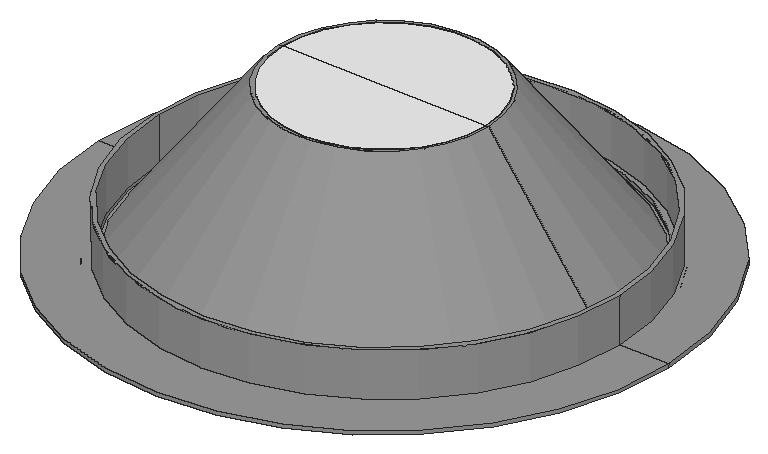
Revit family "Artemide_Tagora_Recessed_270", category Apparecchi per illuminazione, Revit 2018
Family settings
  Quota connettore circolare = Usa diametro
  Tipo di parte = Normale
  Basato su piano di lavoro = Sì
  Sempre verticale = Sì
  Taglio con vuoti quando caricato = Sì
  Sorgente d'illuminazione = Sì
  Condiviso = No
  Punto di calcolo locali = No
Parameters
  Wattage = 34 W
  built-in parameter 1150110 = 1 (stored number, unit not read)
  Voltage = "-"
  built-in parameter 1114217 = 1 (stored number, unit not read)
  Tilt Angle = 90.00°
  built-in parameter 1150109 = 1 (stored number, unit not read)
  built-in parameter 1150134 = 12
  built-in parameter 1150113 = 1 (stored number, unit not read)
  Product Range = "Tagora"
  File diagramma fotometrico = "M250721.IES"
  Max Height from ceiling = 0 mm
  M_Housing = Artemide_Aluminum_White
  M_Fixings = Artemide_Aluminum_Anodized
  M_Diffuser = Artemide_Glass_LightBulb
  built-in parameter 1150105 = 138.77 (stored number, unit not read)
  Lumens = 1743.86 lm
  built-in parameter 1150115 = 1 (stored number, unit not read)
  built-in parameter 1150137 = (empty or 0)
  built-in parameter 1150139 = (empty or 0)
  built-in parameter 1150112 = 1 (stored number, unit not read)
  built-in parameter 1150114 = 1 (stored number, unit not read)
  built-in parameter 1150132 = (empty or 0)
  built-in parameter 1150102 = (empty or 0)
  built-in parameter 1150107 = 4000 (stored number, unit not read)
  built-in parameter 1150138 = (empty or 0)
  built-in parameter 1150106 = 1.3877 (stored number, unit not read)
  IfcExportType = "NOT DEFINED"  # constant formula
  IfcExportAs = "IfcLightFixtureType"  # constant formula
  Weekly = "-"
  Warranty ID = "https://cloud.artemide.com/5-years-warranty"
  Upward Component  = 0
  Unified Glare Rating  = "-"
  Uniclass 2015 = "Pr_70_70_48"  # constant formula
  URL to O&M Manual = "https://www.artemide.com/contents/documenti/prodotto/tagora_incasso_270_instructions2508701.pdf"
  URL to Energy Technology List = "-"
  Trim Material = "Aluminium"
  Trim Finish = "Painted"
  Trim Colour  = "White"
  Total Power = 0
  Total Light Output  = 0
  Testing method = "-"
  Supply Phase = 0
  Suitable for Photocell Control = "-"
  Suitable for Motion Detector Control = "N"
  Suitable for Dimming  = "Y"
  Suitable Dimmer Type = "DALI"
  Standards = "-"
  Shipping Weight = 0
  Service life  = "-"
  Secondary Rated Lamp Life = 0
  Secondary Lamp Voltage = 0
  Secondary Lamp International Type Code = "-"
  Secondary Lamp Initial Lumens  = 0
  Secondary Lamp Included = "-"
  Secondary Lamp Efficacy = 0
  Secondary Lamp Colour Temperature = 0
  Secondary Lamp Colour Rendering Index = 0
  Secondary Lamp Cap = "-"
  Secondary Lamp = "-"
  Responsible Sourcing of Materials = "-"
  Responsible Extraction of Materials = "-"
  Rated Lamp Life = 50000
  Quarterly = "-"
  Product Model Number = "M250721"
  Product Literature = "https://www.artemide.com/en/subfamily/1657780/tagora-recessed-270"
  Primary Lamp Type = "LED"
  Power Supply Kit = "-"
  Power Factor = 0
  Photocell = "-"
  Overall Width = 0
  Overall Light Output Ratio = 0
  Overall Length = 272
  Overall Height = 0
  Output Lumens Indirect light = 0
  Output Lumens Direct light = 1744
  Number of Secondary Lamps = 0
  Number of Primary Lamps = 1
  Number of Poles = 0
  Motion Sensor = "-"
  Motion Detector = "-"
  Monthly = "-"
  Minimum Operating Temperature = 0
  Maximum Operating Temperature = 0
  Material Ingredient Reporting = "-"
  Manufacturer Website = "https://www.artemide.com"
  Produttore = "Artemide"
  Maintenance Required: 8001-12000hrs  = "-"
  Maintenance Required: 601-1000hrs = "-"
  Maintenance Required: 4001-8000hrs  = "-"
  Maintenance Required: 301-600hrs  = "-"
  Maintenance Required: 2001-4000hrs  = "-"
  Maintenance Required: 1001-2000hrs  = "-"
  Maintenance Required: 0-300hrs  = "-"
  Luminance at 65deg Angle = 0
  Luminaire Type = "Downlight"
  Luminaire Maintenance Factor = 0
  Luminaire Cleaning Interval  = "-"
  Louvre/Lens = "-"
  Location of Manufacturer = "-"
  Light Output Pattern = "-"
  Light Fixture Mounting Type = "Recessed"
  Life Cycle Analysis = "-"
  Lamp Survival Factor = "-"
  Lamp Replacement Interval = "-"
  Lamp Included = "Y"
  Lamp Cap = "LED Integrated"
  LED lifetime = 50000
  LED Maintained Colour Variation         = 0
  LED Initial Colour Variation                      = 0
  International Type Code = "-"
  Intended Market = "Unset"
  Integral Fuse or Circuit Protection  = "-"
  Integral Emergency Lighting Battery Type = "-"
  Input Lumens Indirect light = 0
  Input Lumens Direct light = 4054
  Initial Lumens = 1744
  Infills = "-"
  IP Rating = "IP20"
  IK Rating = "-"
  IES Files  = "https://www.artemide.com/product/downloadFile/1654638/ieseu/4887811"
  Housing Material = "Aluminium"
  Housing Finish  = "Painted"
  Housing Colour  = "White"
  Hazardous Area Protection Type = "-"
  Hazardous Area Category = "-"
  Gross Weight = 0
  Green Guide for Specification = "-"
  Frequency  = 0
  Fixings = "-"
  Fire Shroud = "-"
  Fire Rating Duration = 0
  Fire Rated Temperature = 0
  Fire Rated = "-"
  Features = "Any additional components/accessories included in this file are required to complete the product/configuration and must be ordered separately.Please check the catalogue/dedicated brochure for more information"
  Face Width = 0
  Face Shape = "Circular"
  Face Length = 0
  External Control Line Voltage = 0
  Expected Life = "-"
  Environmental Product Declaration = "-"
  End Caps/Transition Caps/Joints = "-"
  Emetti da diametro cerchio = 130 mm
  Rendi la forma visibile nel rendering = no
  Emergency light output percentage = 0
  Emergency Lighting Battery = "-"
  Emergency Charging Power       = 0
  Emergency = "N"
  Embodied Carbon  = 0
  Efficiency = 43
  built-in parameter 1150104 = 4.765 (stored number, unit not read)
  Efficacy = 0
  Earth Point  = "-"
  ENEC Certification of European conformity = "N"
  Duration of Integral Emergency Lighting  = 0
  Drive Current                                          = 0
  Downward Component = 0
  Variazione temperatura colore lampada con luminosità attenuata = <Nessuno>
  Diffusing screen = "-"
  Designed by = "S./R. Cornelissen"
  Default Elevation = 1219.2 mm
  Daylight Sensor = "-"
  Daily = "-"
  Cut Out Width = 292
  Cut Out Length = 24
  Current  = 0
  Control Gear Type = "-"
  Control Gear Standby Power  = 0
  Control Gear Required = "-"
  Control Gear Location = "-"
  Column = "-"
  Colour Temperature = 4000
  Colour Rendering Index = 90
  Filtro dei colori = 16777215
  CE Approval = "Y"
  Bespoke Timeframe = "-"
  Beam Angle Transverse Axis  = 0.00°
  Beam Angle Longditudinal Axis  = 0.00°
  Basis of lifetime luminaire failures        = 0
  Basis of lifetime lumen depreciation   = 0
  built-in parameter 1114218 = 1 (stored number, unit not read)
  built-in parameter 1150133 = 10 (stored number, unit not read)
  Application Environment = "Internal"
  Annually = "-"
  Ambient Temperature                             = 0
  Air Handling = "-"
  Access Clearance Top = 0
  Access Clearance Right = 0
  Access Clearance Rear = 0
  Access Clearance Left = 0
  Access Clearance Front = 0
  Access Clearance Bottom = 0
  6 Monthly = "-"
Reference planes
  plane 1 "Center (Front/Back)": y = 0
  plane 2: z = 0
  plane 3 "Center (Left/Right)": x = 0
  plane 4 "Bottom Internal Cone": z = 2
  plane 5 "Top External Disc": z = 4
  plane 6 "Light": z = 99.131
  plane 7 "Center L/Z": z = 92.5
  plane 8 "Center L/AA": z = 30
  plane 9 "Center L/BB": z = 89.165
  plane 10 "Center L/CC": z = 243.529
Forms (mm)
  Revolve 1, solid, material "Artemide_Aluminum_White" <- "M_Housing"
    sketch origin (0, 0, 0) x (1, 0, 0) y (0, 0, 1)
      loop
        line (-61.996, 92.5) -> (-131.996, 2) -> (-141.182, 2) -> (-141.182, 0) -> (-131.647, 0) -> (-60.1, 92.5) -> (-61.996, 92.5)
      axis (0, 92.5) -> (0, 0)
    angle from 0 to 360
  Revolve 2, solid, material "Artemide_Glass_LightBulb" <- "M_Diffuser"
    sketch origin (0, 0, 0) x (1, 0, 0) y (0, 0, 1)
      loop
        line (-60.1, 92.5) -> (-60.1, 89.165) -> (0, 89.165) -> (0, 92.5) -> (-60.1, 92.5)
      axis (0, 92.5) -> (0, 89.165)
    angle from 0 to 360
  Revolve 3, solid, material "Artemide_Aluminum_Anodized" <- "M_Fixings"
    sketch origin (0, 0, 0) x (1, 0, 0) y (0, 0, 1)
      loop
        line (-133.496, 2) -> (-133.496, 4) -> (-168.746, 4) -> (-168.746, 2) -> (-133.496, 2)
      axis (0, 4) -> (0, 2)
    angle from 0 to 360
  Extrusion 4, solid, material "Artemide_Aluminum_Anodized" <- "M_Fixings"
    sketch origin (0, 0, 0) x (1, 0, 0) y (0, 1, 0)
      loop
        circle (1.88, 0.257) r 135.353
      loop
        circle (1.88, 0.257) r 137.753
    from 4 to 30
  Extrusion 5, void
    sketch origin (0, 0, 0) x (1, 0, 0) y (0, 1, 0)
      loop
        circle (0, 0) r 141.182
    from 0 to 243.529
Dimensions and locks
  locked: plane 5 "Top External Disc" to plane 4 "Bottom Internal Cone" at 2
  plane 10 "Center L/CC" to plane 6 "Light" to plane 7 "Center L/Z" to plane 9 "Center L/BB" to plane 8 "Center L/AA" to plane 2 = 144.399 mm locked, 6.631 mm locked, 3.335 mm locked, 59.165 mm locked, 30 mm locked
  locked: plane 4 "Bottom Internal Cone" to plane 2 at 2
  aligned and locked: level to plane 2
  aligned and locked: plane 6 "Light" to imposter light
  aligned and locked: plane 3 "Center (Left/Right)" to imposter light
  aligned and locked: imposter light to plane 1 "Center (Front/Back)"
  aligned and locked: plane 4 "Bottom Internal Cone" to Revolve 1 sketch curve
  aligned and locked: Revolve 1 sketch curve to plane 2
  aligned and locked: Revolve 1 sketch curve to plane 3 "Center (Left/Right)"
  aligned and locked: Revolve 2 sketch curve to plane 3 "Center (Left/Right)"
  aligned and locked: Revolve 2 sketch curve to plane 9 "Center L/BB"
  aligned and locked: Revolve 3 sketch curve to plane 5 "Top External Disc"
  aligned and locked: plane 4 "Bottom Internal Cone" to Revolve 3 sketch curve
  aligned and locked: Revolve 3 sketch curve to plane 3 "Center (Left/Right)"
  aligned and locked: Extrusion 4 to plane 5 "Top External Disc"
  aligned and locked: plane 8 "Center L/AA" to Extrusion 4
  aligned and locked: Extrusion 5 to plane 2
  aligned and locked: plane 10 "Center L/CC" to Extrusion 5
  aligned and locked: Revolve 1 sketch curve to plane 7 "Center L/Z"
